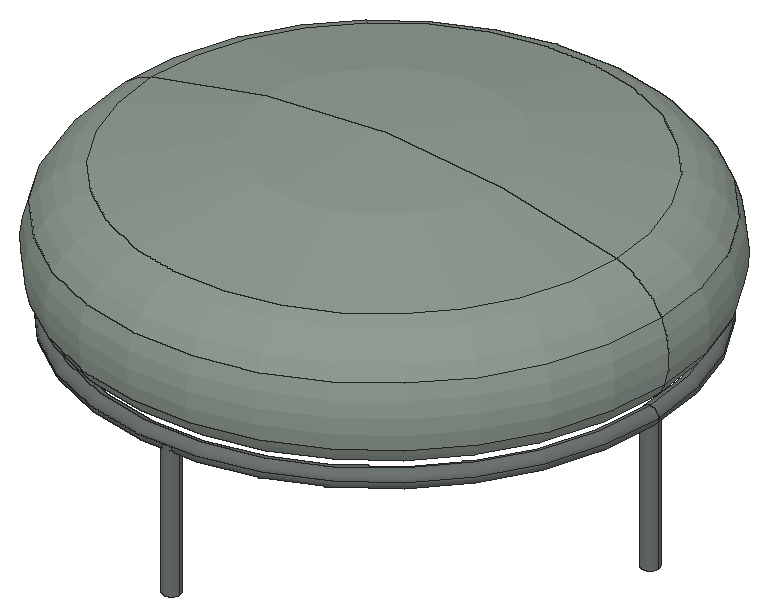
Revit family "FU_Chair_Sandler_Metiz 480-80", category Furniture, Revit 2020
Family settings
  OmniClass Number = 23.40.20.00
  OmniClass Title = General Furniture and Specialties
  Work Plane-Based = No
  Always vertical = Yes
  Cut with Voids When Loaded = No
  Shared = No
  Room Calculation Point = No
Parameters (values of type "Metiz 480.80")
  Width = 830 mm
  URL = "https://www.sandlerseating.com/product/metiz-480-80/"
  Seat [instance] = Fabric - Mainline Flax - Bayswater MLF24
  Model = "Metiz 480.80"
  Manufacturer = "Sandler"
  Height = 430 mm
  Frame [instance] = Metal Lacquers - F059 Dark Grey
  Description = "Large upholstered ottoman on a matt lacquered steel frame."
  Depth = 830 mm
  Default Elevation = 0 mm
Reference planes
  plane 1 "Center (Front/Back)": y = 0
  plane 2: z = 0
  plane 3 "Center (Left/Right)": x = 0
  plane 4 "Right": x = -415
  plane 5 "Left": x = 415
  plane 6 "Back": y = 415
  plane 7 "Front": y = -415
  plane 8 "Height": z = 430
  plane 9 "Frame Ring C FRONT": z = 196.354
Forms (mm)
  Sweep 1, solid, material "Metal Lacquers - F059 Dark Grey" <- "Frame"
    path origin (0, 0, 196.354) x (-1, 0, 0) y (0, -1, 0)
      loop
        circle (0, 0) r 387.5
    profile "Pro_Circles : 25mm" origin (0, -387.5, 196.354) x (0, 1, 0) y (0, 0, 1)
      loop
        arc (-12.467, 0.067) -> (-8.882, -8.788) -> (-0.067, -12.467) r 12.401
        arc (-0.067, -12.467) -> (8.836, -8.836) -> (12.467, 0.067) r 12.401
        arc (12.467, 0.067) -> (8.788, 8.882) -> (-0.067, 12.467) r 12.401
        arc (-0.067, 12.467) -> (-8.835, 8.835) -> (-12.467, 0.067) r 12.4
  Extrusion 2, solid, material "Metal Lacquers - F059 Dark Grey" <- "Frame"
    sketch origin (0, 0, 0) x (1, 0, 0) y (0, 1, 0)
      loop
        circle (-387.567, 0) r 12
    from 0 to 196.354
  Extrusion 3, solid, material "Metal Lacquers - F059 Dark Grey" <- "Frame"
    sketch origin (0, 0, 0) x (1, 0, 0) y (0, 1, 0)
      loop
        circle (0, 387.5) r 12
    from 0 to 196.354
  Extrusion 4, solid, material "Metal Lacquers - F059 Dark Grey" <- "Frame"
    sketch origin (0, 0, 0) x (-1, 0, 0) y (0, -1, 0)
      loop
        circle (-387.567, 0) r 12
    from 0 to 196.354
  Extrusion 5, solid, material "Metal Lacquers - F059 Dark Grey" <- "Frame"
    sketch origin (0, 0, 0) x (1, 0, 0) y (0, 1, 0)
      loop
        circle (0, -387.5) r 12
    from 0 to 196.354
  Revolve 6, solid, material "Fabric - Mainline Flax - Bayswater MLF24" <- "Seat"
    sketch origin (0, 0, 0) x (1, 0, 0) y (0, 0, 1)
      loop
        line (0, 194.741) -> (0, 430)
        arc (0, 430) -> (-170.893, 417.298) -> (-338.756, 382.831) r 1336.335
        arc (-338.756, 382.831) -> (-377.498, 362.972) -> (-404.978, 329.206) r 105.911
        arc (-404.978, 329.206) -> (-414.86, 286.829) -> (-409.461, 243.652) r 123.738
        arc (-409.461, 243.652) -> (-393.341, 222.794) -> (-370.203, 210.164) r 64.256
        arc (-370.203, 210.164) -> (-314.573, 199.467) -> (-258.121, 194.741) r 532.394
        line (-258.121, 194.741) -> (0, 194.741)
      axis (0, 430) -> (0, 194.741)
    angle from 0 to 360
Dimensions and locks
  equal spacing: plane 4 "Right", plane 3 "Center (Left/Right)", plane 5 "Left"
  "Width": plane 4 "Right" to plane 5 "Left"
  equal spacing: plane 6 "Back", plane 1 "Center (Front/Back)", plane 7 "Front"
  "Depth": plane 6 "Back" to plane 7 "Front"
  "Height": plane 8 "Height" to level
  plane 9 "Frame Ring C FRONT" to level = 196.354 mm
  aligned and locked: level to plane 2
Automatic sketch dimensions
  plane 1 "Center (Front/Back)" to Sweep 1 sketch curve = 0 mm
  Sweep 1 sketch curve to plane 3 "Center (Left/Right)" = 0 mm
  plane 1 "Center (Front/Back)" to Extrusion 2 sketch curve = 0 mm
  Extrusion 2 sketch curve to plane 4 "Right" = 27.433 mm
  Extrusion 3 sketch curve to plane 3 "Center (Left/Right)" = 0 mm
  Extrusion 3 sketch curve to plane 6 "Back" = 27.5 mm
  plane 1 "Center (Front/Back)" to Extrusion 4 sketch curve = 0 mm
  Extrusion 4 sketch curve to plane 5 "Left" = 27.433 mm
  Extrusion 5 sketch curve to plane 3 "Center (Left/Right)" = 0 mm
  Extrusion 5 sketch curve to plane 7 "Front" = 27.5 mm
  Revolve 6 sketch curve to plane 3 "Center (Left/Right)" = 0 mm  (x2)
  Revolve 6 sketch curve to plane 8 "Height" = 0 mm
  Revolve 6 sketch curve to plane 4 "Right" = 173.004 mm
  Revolve 6 sketch curve to plane 9 "Frame Ring C FRONT" = 1.613 mm
  Revolve 6 sketch curve to plane 4 "Right" = 156.879 mm
  Revolve 6 sketch curve to Revolve 6 sketch curve = 33.17 mm
  Revolve 6 sketch curve to Revolve 6 sketch curve = 19.555 mm
  Revolve 6 sketch curve to Revolve 6 sketch curve = 40.795 mm
  plane 3 "Center (Left/Right)" to Revolve 6 sketch curve = 13.401 mm
  Revolve 6 sketch curve to level = 906.267 mm
  plane 9 "Frame Ring C FRONT" to Revolve 6 sketch curve = 75.326 mm
  Revolve 6 sketch curve to Revolve 6 sketch curve = 8.673 mm
  Revolve 6 sketch curve to Revolve 6 sketch curve = 0.311 mm
  plane 8 "Height" to Revolve 6 sketch curve = 296.89 mm
  Revolve 6 sketch curve to Revolve 6 sketch curve = 0 mm
  plane 9 "Frame Ring C FRONT" to Revolve 6 sketch curve = 13.81 mm
  Revolve 6 sketch curve to plane 4 "Right" = 10.022 mm
  Revolve 6 sketch curve to Revolve 6 sketch curve = 38.511 mm
  Revolve 6 sketch curve to Revolve 6 sketch curve = 55.903 mm
  radius of Sweep 1 sketch curve = 387.5 mm
  radius of Extrusion 2 sketch curve = 12 mm
  radius of Extrusion 3 sketch curve = 12 mm
  radius of Extrusion 4 sketch curve = 12 mm
  radius of Extrusion 5 sketch curve = 12 mm
